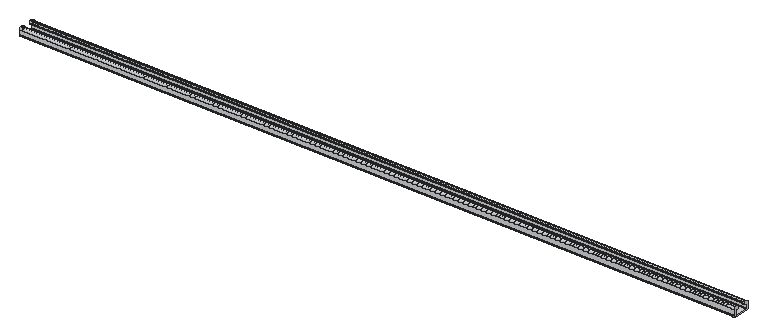
Revit family "P3300 T", category Specialty Equipment, Revit 2012
Parameters (values of type "P3300 T")
  ecoScorecard_data = ""
  ecoScorecard Product Page = ""
  Weight Per Foot = 1.30 lbf/ft
  Unit = none
  URL = "http://unistrut.us/index.php"
  Subcategory = "1 5/8\" Channels"
  Product Page URL = "http://unistrut.us/index.php?WP=cat_detail&S=S05&P=P3300t"
  Part Type = "Channel"  # constant formula
  Part Number = ""
  Overall Width = 1 5/8"  # constant formula
  Overall Height = 7/8"  # constant formula
  Model = "P3300 T"  # constant formula
  Material = "Multiple Options - See Catalog"
  Manufacturer Toll Free Phone = "800-882-5543"  # constant formula
  Manufacturer Phone = "708-339-1610"  # constant formula
  Manufacturer Fax = "708-339-7814"  # constant formula
  Manufacturer Email = "mailto:jshaw@atkore.com"
  Manufacturer Address = "16100 South Lathrop Avenue, Harvey, IL 60426"  # constant formula
  Manufacturer = "Unistrut by Atkore International"  # constant formula
  Load Capacity Note = "Visit the product page for load application and capacity."  # constant formula
  Literature URL = "http://unistrut.us/index.php?WP=LItLibrary"
  Length [instance] = 72"
  Hole Radius = Hole Diameter / 2  # 9/32"
  Hole Diameter = 9/16"  # constant formula
  Gauge Thickness = "12 Gauge (.105”)"  # constant formula
  Description = "P3300 T Channel"  # constant formula
  Cost Info = "mailto:questions@atkore.com"
  Construction Note = "Slots are 11⁄8\" x 9⁄16\" @ 2\" on Center"
  CSI MasterSpec = "http://www.unistrut.us/a_files/TechRef/Unistrut_CSI_05430.pdf"
  CAD URL = "http://unistrut.us/index.php?WP=CAD3d"
  Assembly Code = "D5020100"
  95 CSI = "16070"  # constant formula
  04 CSI = "26 05 48"  # constant formula
Reference planes (in)
  plane 1 "Center (Front/Back)": y = 0
  plane 2: z = 0
  plane 3 "Center (Left/Right)": x = 0
  plane 4: y = 0.8125
  plane 5: y = -0.8125
  plane 6: z = 0.875
  plane 7: x = -36
  plane 8: x = 36
  plane 9: z = 0.8125
Dimensions and locks (in)
  "Overall Width": plane 4 to plane 5
  equal spacing: plane 4, plane 1 "Center (Front/Back)", plane 5
  "Overall Height": plane 6 to level
  "Length": plane 7 to plane 8
  equal spacing: plane 7, plane 3 "Center (Left/Right)", plane 8
  aligned and locked: level to plane 2
  aligned and locked: plane 1 "Center (Front/Back)" to nested 1
  aligned and locked: plane 3 "Center (Left/Right)" to nested 1
Nested families (in)
  nested 1: "3300 T" at (0, 0, 0), type "3300 T"
    with Length 72", # Of Array 36
Definition of nested family "3300 T"
  Parameters (values of type "3300 T")
    Width = 1 5/8"
    Unit = none
    Length = 120"
    Hole Spacing On Center = 2"
    Hole Spacing From End = 1"
    Hole Radius = 9/32"
    Height = 7/8"
    # Of Array = (Length - Hole Spacing From End * 2) / Hole Spacing On Center + 1  # 60
  Reference planes (in)
    plane 1 "Center (Front/Back)": y = 0
    plane 2: z = 0
    plane 3 "Center (Left/Right)": x = 0
    plane 4: z = 0.875
    plane 5: x = -60
    plane 6: x = 60
    plane 7: y = 0.8125
    plane 8: y = -0.8125
    plane 9: x = -57
    plane 10: z = 0.40625
    plane 11: z = 0.105
    plane 12: x = -59
    plane 13: z = 0.105
  Forms (in)
    Sweep 1, solid, material <- "Unit", detail levels fine
      path origin (0, 0, 0) x (1, 0, 0) y (0, 1, 0)
        loop
          line (-60, 0) -> (60, 0)
      profile origin (0, 0, 0) x (0, 1, 0) y (0, 0, 1)
        loop
          line (-0.7075, 0.13625) -> (-0.7075, 0.67625)
          arc (-0.7075, 0.67625) -> (-0.68004, 0.74254) -> (-0.61375, 0.77) r 0.09375
          line (-0.61375, 0.77) -> (-0.57375, 0.77)
          arc (-0.57375, 0.77) -> (-0.55165, 0.76085) -> (-0.5425, 0.73875) r 0.03125
          line (-0.5425, 0.73875) -> (-0.5425, 0.6465)
          arc (-0.5425, 0.6465) -> (-0.49, 0.594) -> (-0.4375, 0.6465) r 0.0525
          line (-0.4375, 0.6465) -> (-0.4375, 0.73875)
          arc (-0.4375, 0.73875) -> (-0.47741, 0.83509) -> (-0.57375, 0.875) r 0.13625
          line (-0.57375, 0.875) -> (-0.61375, 0.875)
          arc (-0.61375, 0.875) -> (-0.75429, 0.81679) -> (-0.8125, 0.67625) r 0.19875
          line (-0.8125, 0.67625) -> (-0.8125, 0.13625)
          arc (-0.8125, 0.13625) -> (-0.77259, 0.03991) -> (-0.67625, 0) r 0.13625
          line (-0.67625, 0) -> (0.67625, 0)
          arc (0.67625, 0) -> (0.77259, 0.03991) -> (0.8125, 0.13625) r 0.13625
          line (0.8125, 0.13625) -> (0.8125, 0.67625)
          arc (0.8125, 0.67625) -> (0.75429, 0.81679) -> (0.61375, 0.875) r 0.19875
          line (0.61375, 0.875) -> (0.57375, 0.875)
          arc (0.57375, 0.875) -> (0.47741, 0.83509) -> (0.4375, 0.73875) r 0.13625
          line (0.4375, 0.73875) -> (0.4375, 0.6465)
          arc (0.4375, 0.6465) -> (0.49, 0.594) -> (0.5425, 0.6465) r 0.0525
          line (0.5425, 0.6465) -> (0.5425, 0.73875)
          arc (0.5425, 0.73875) -> (0.55165, 0.76085) -> (0.57375, 0.77) r 0.03125
          line (0.57375, 0.77) -> (0.61375, 0.77)
          arc (0.61375, 0.77) -> (0.68004, 0.74254) -> (0.7075, 0.67625) r 0.09375
          line (0.7075, 0.67625) -> (0.7075, 0.13625)
          arc (0.7075, 0.13625) -> (0.69835, 0.11415) -> (0.67625, 0.105) r 0.03125
          line (0.67625, 0.105) -> (-0.67625, 0.105)
          arc (-0.67625, 0.105) -> (-0.69835, 0.11415) -> (-0.7075, 0.13625) r 0.03125
    Extrusion 2, void
      sketch origin (0, 0, 0) x (1, 0, 0) y (0, 1, 0)
        loop
          arc (59.28125, -0.28125) -> (59.5625, 0) -> (59.28125, 0.28125) r 0.28125
          line (59.28125, 0.28125) -> (58.71875, 0.28125)
          arc (58.71875, 0.28125) -> (58.4375, 0) -> (58.71875, -0.28125) r 0.28125
          line (58.71875, -0.28125) -> (59.28125, -0.28125)
      from 0 to 0.105
    Extrusion 3, void
      sketch origin (-118, 0, 0) x (1, 0, 0) y (0, 1, 0)
        loop
          arc (59.28125, -0.28125) -> (59.5625, 0) -> (59.28125, 0.28125) r 0.28125
          line (59.28125, 0.28125) -> (58.71875, 0.28125)
          arc (58.71875, 0.28125) -> (58.4375, 0) -> (58.71875, -0.28125) r 0.28125
          line (58.71875, -0.28125) -> (59.28125, -0.28125)
      from 0 to 0.105
    Extrusion 4, void
      sketch origin (-116, 0, 0) x (1, 0, 0) y (0, 1, 0)
        loop
          arc (59.28125, -0.28125) -> (59.5625, 0) -> (59.28125, 0.28125) r 0.28125
          line (59.28125, 0.28125) -> (58.71875, 0.28125)
          arc (58.71875, 0.28125) -> (58.4375, 0) -> (58.71875, -0.28125) r 0.28125
          line (58.71875, -0.28125) -> (59.28125, -0.28125)
      from 0 to 0.105
    Extrusion 5, void
      sketch origin (-114, 0, 0) x (1, 0, 0) y (0, 1, 0)
        loop
          arc (59.28125, -0.28125) -> (59.5625, 0) -> (59.28125, 0.28125) r 0.28125
          line (59.28125, 0.28125) -> (58.71875, 0.28125)
          arc (58.71875, 0.28125) -> (58.4375, 0) -> (58.71875, -0.28125) r 0.28125
          line (58.71875, -0.28125) -> (59.28125, -0.28125)
      from 0 to 0.105
    Extrusion 6, void
      sketch origin (-112, 0, 0) x (1, 0, 0) y (0, 1, 0)
        loop
          arc (59.28125, -0.28125) -> (59.5625, 0) -> (59.28125, 0.28125) r 0.28125
          line (59.28125, 0.28125) -> (58.71875, 0.28125)
          arc (58.71875, 0.28125) -> (58.4375, 0) -> (58.71875, -0.28125) r 0.28125
          line (58.71875, -0.28125) -> (59.28125, -0.28125)
      from 0 to 0.105
    Extrusion 7, void
      sketch origin (-110, 0, 0) x (1, 0, 0) y (0, 1, 0)
        loop
          arc (59.28125, -0.28125) -> (59.5625, 0) -> (59.28125, 0.28125) r 0.28125
          line (59.28125, 0.28125) -> (58.71875, 0.28125)
          arc (58.71875, 0.28125) -> (58.4375, 0) -> (58.71875, -0.28125) r 0.28125
          line (58.71875, -0.28125) -> (59.28125, -0.28125)
      from 0 to 0.105
    Extrusion 8, void
      sketch origin (-108, 0, 0) x (1, 0, 0) y (0, 1, 0)
        loop
          arc (59.28125, -0.28125) -> (59.5625, 0) -> (59.28125, 0.28125) r 0.28125
          line (59.28125, 0.28125) -> (58.71875, 0.28125)
          arc (58.71875, 0.28125) -> (58.4375, 0) -> (58.71875, -0.28125) r 0.28125
          line (58.71875, -0.28125) -> (59.28125, -0.28125)
      from 0 to 0.105
    Extrusion 9, void
      sketch origin (-106, 0, 0) x (1, 0, 0) y (0, 1, 0)
        loop
          arc (59.28125, -0.28125) -> (59.5625, 0) -> (59.28125, 0.28125) r 0.28125
          line (59.28125, 0.28125) -> (58.71875, 0.28125)
          arc (58.71875, 0.28125) -> (58.4375, 0) -> (58.71875, -0.28125) r 0.28125
          line (58.71875, -0.28125) -> (59.28125, -0.28125)
      from 0 to 0.105
    Extrusion 10, void
      sketch origin (-104, 0, 0) x (1, 0, 0) y (0, 1, 0)
        loop
          arc (59.28125, -0.28125) -> (59.5625, 0) -> (59.28125, 0.28125) r 0.28125
          line (59.28125, 0.28125) -> (58.71875, 0.28125)
          arc (58.71875, 0.28125) -> (58.4375, 0) -> (58.71875, -0.28125) r 0.28125
          line (58.71875, -0.28125) -> (59.28125, -0.28125)
      from 0 to 0.105
    Extrusion 11, void
      sketch origin (-102, 0, 0) x (1, 0, 0) y (0, 1, 0)
        loop
          arc (59.28125, -0.28125) -> (59.5625, 0) -> (59.28125, 0.28125) r 0.28125
          line (59.28125, 0.28125) -> (58.71875, 0.28125)
          arc (58.71875, 0.28125) -> (58.4375, 0) -> (58.71875, -0.28125) r 0.28125
          line (58.71875, -0.28125) -> (59.28125, -0.28125)
      from 0 to 0.105
    Extrusion 12, void
      sketch origin (-100, 0, 0) x (1, 0, 0) y (0, 1, 0)
        loop
          arc (59.28125, -0.28125) -> (59.5625, 0) -> (59.28125, 0.28125) r 0.28125
          line (59.28125, 0.28125) -> (58.71875, 0.28125)
          arc (58.71875, 0.28125) -> (58.4375, 0) -> (58.71875, -0.28125) r 0.28125
          line (58.71875, -0.28125) -> (59.28125, -0.28125)
      from 0 to 0.105
    Extrusion 13, void
      sketch origin (-98, 0, 0) x (1, 0, 0) y (0, 1, 0)
        loop
          arc (59.28125, -0.28125) -> (59.5625, 0) -> (59.28125, 0.28125) r 0.28125
          line (59.28125, 0.28125) -> (58.71875, 0.28125)
          arc (58.71875, 0.28125) -> (58.4375, 0) -> (58.71875, -0.28125) r 0.28125
          line (58.71875, -0.28125) -> (59.28125, -0.28125)
      from 0 to 0.105
    Extrusion 14, void
      sketch origin (-96, 0, 0) x (1, 0, 0) y (0, 1, 0)
        loop
          arc (59.28125, -0.28125) -> (59.5625, 0) -> (59.28125, 0.28125) r 0.28125
          line (59.28125, 0.28125) -> (58.71875, 0.28125)
          arc (58.71875, 0.28125) -> (58.4375, 0) -> (58.71875, -0.28125) r 0.28125
          line (58.71875, -0.28125) -> (59.28125, -0.28125)
      from 0 to 0.105
    Extrusion 15, void
      sketch origin (-94, 0, 0) x (1, 0, 0) y (0, 1, 0)
        loop
          arc (59.28125, -0.28125) -> (59.5625, 0) -> (59.28125, 0.28125) r 0.28125
          line (59.28125, 0.28125) -> (58.71875, 0.28125)
          arc (58.71875, 0.28125) -> (58.4375, 0) -> (58.71875, -0.28125) r 0.28125
          line (58.71875, -0.28125) -> (59.28125, -0.28125)
      from 0 to 0.105
    Extrusion 16, void
      sketch origin (-92, 0, 0) x (1, 0, 0) y (0, 1, 0)
        loop
          arc (59.28125, -0.28125) -> (59.5625, 0) -> (59.28125, 0.28125) r 0.28125
          line (59.28125, 0.28125) -> (58.71875, 0.28125)
          arc (58.71875, 0.28125) -> (58.4375, 0) -> (58.71875, -0.28125) r 0.28125
          line (58.71875, -0.28125) -> (59.28125, -0.28125)
      from 0 to 0.105
    Extrusion 17, void
      sketch origin (-90, 0, 0) x (1, 0, 0) y (0, 1, 0)
        loop
          arc (59.28125, -0.28125) -> (59.5625, 0) -> (59.28125, 0.28125) r 0.28125
          line (59.28125, 0.28125) -> (58.71875, 0.28125)
          arc (58.71875, 0.28125) -> (58.4375, 0) -> (58.71875, -0.28125) r 0.28125
          line (58.71875, -0.28125) -> (59.28125, -0.28125)
      from 0 to 0.105
    Extrusion 18, void
      sketch origin (-88, 0, 0) x (1, 0, 0) y (0, 1, 0)
        loop
          arc (59.28125, -0.28125) -> (59.5625, 0) -> (59.28125, 0.28125) r 0.28125
          line (59.28125, 0.28125) -> (58.71875, 0.28125)
          arc (58.71875, 0.28125) -> (58.4375, 0) -> (58.71875, -0.28125) r 0.28125
          line (58.71875, -0.28125) -> (59.28125, -0.28125)
      from 0 to 0.105
    Extrusion 19, void
      sketch origin (-86, 0, 0) x (1, 0, 0) y (0, 1, 0)
        loop
          arc (59.28125, -0.28125) -> (59.5625, 0) -> (59.28125, 0.28125) r 0.28125
          line (59.28125, 0.28125) -> (58.71875, 0.28125)
          arc (58.71875, 0.28125) -> (58.4375, 0) -> (58.71875, -0.28125) r 0.28125
          line (58.71875, -0.28125) -> (59.28125, -0.28125)
      from 0 to 0.105
    Extrusion 20, void
      sketch origin (-84, 0, 0) x (1, 0, 0) y (0, 1, 0)
        loop
          arc (59.28125, -0.28125) -> (59.5625, 0) -> (59.28125, 0.28125) r 0.28125
          line (59.28125, 0.28125) -> (58.71875, 0.28125)
          arc (58.71875, 0.28125) -> (58.4375, 0) -> (58.71875, -0.28125) r 0.28125
          line (58.71875, -0.28125) -> (59.28125, -0.28125)
      from 0 to 0.105
    Extrusion 21, void
      sketch origin (-82, 0, 0) x (1, 0, 0) y (0, 1, 0)
        loop
          arc (59.28125, -0.28125) -> (59.5625, 0) -> (59.28125, 0.28125) r 0.28125
          line (59.28125, 0.28125) -> (58.71875, 0.28125)
          arc (58.71875, 0.28125) -> (58.4375, 0) -> (58.71875, -0.28125) r 0.28125
          line (58.71875, -0.28125) -> (59.28125, -0.28125)
      from 0 to 0.105
    Extrusion 22, void
      sketch origin (-80, 0, 0) x (1, 0, 0) y (0, 1, 0)
        loop
          arc (59.28125, -0.28125) -> (59.5625, 0) -> (59.28125, 0.28125) r 0.28125
          line (59.28125, 0.28125) -> (58.71875, 0.28125)
          arc (58.71875, 0.28125) -> (58.4375, 0) -> (58.71875, -0.28125) r 0.28125
          line (58.71875, -0.28125) -> (59.28125, -0.28125)
      from 0 to 0.105
    Extrusion 23, void
      sketch origin (-78, 0, 0) x (1, 0, 0) y (0, 1, 0)
        loop
          arc (59.28125, -0.28125) -> (59.5625, 0) -> (59.28125, 0.28125) r 0.28125
          line (59.28125, 0.28125) -> (58.71875, 0.28125)
          arc (58.71875, 0.28125) -> (58.4375, 0) -> (58.71875, -0.28125) r 0.28125
          line (58.71875, -0.28125) -> (59.28125, -0.28125)
      from 0 to 0.105
    Extrusion 24, void
      sketch origin (-76, 0, 0) x (1, 0, 0) y (0, 1, 0)
        loop
          arc (59.28125, -0.28125) -> (59.5625, 0) -> (59.28125, 0.28125) r 0.28125
          line (59.28125, 0.28125) -> (58.71875, 0.28125)
          arc (58.71875, 0.28125) -> (58.4375, 0) -> (58.71875, -0.28125) r 0.28125
          line (58.71875, -0.28125) -> (59.28125, -0.28125)
      from 0 to 0.105
    Extrusion 25, void
      sketch origin (-74, 0, 0) x (1, 0, 0) y (0, 1, 0)
        loop
          arc (59.28125, -0.28125) -> (59.5625, 0) -> (59.28125, 0.28125) r 0.28125
          line (59.28125, 0.28125) -> (58.71875, 0.28125)
          arc (58.71875, 0.28125) -> (58.4375, 0) -> (58.71875, -0.28125) r 0.28125
          line (58.71875, -0.28125) -> (59.28125, -0.28125)
      from 0 to 0.105
    Extrusion 26, void
      sketch origin (-72, 0, 0) x (1, 0, 0) y (0, 1, 0)
        loop
          arc (59.28125, -0.28125) -> (59.5625, 0) -> (59.28125, 0.28125) r 0.28125
          line (59.28125, 0.28125) -> (58.71875, 0.28125)
          arc (58.71875, 0.28125) -> (58.4375, 0) -> (58.71875, -0.28125) r 0.28125
          line (58.71875, -0.28125) -> (59.28125, -0.28125)
      from 0 to 0.105
    Extrusion 27, void
      sketch origin (-70, 0, 0) x (1, 0, 0) y (0, 1, 0)
        loop
          arc (59.28125, -0.28125) -> (59.5625, 0) -> (59.28125, 0.28125) r 0.28125
          line (59.28125, 0.28125) -> (58.71875, 0.28125)
          arc (58.71875, 0.28125) -> (58.4375, 0) -> (58.71875, -0.28125) r 0.28125
          line (58.71875, -0.28125) -> (59.28125, -0.28125)
      from 0 to 0.105
    Extrusion 28, void
      sketch origin (-68, 0, 0) x (1, 0, 0) y (0, 1, 0)
        loop
          arc (59.28125, -0.28125) -> (59.5625, 0) -> (59.28125, 0.28125) r 0.28125
          line (59.28125, 0.28125) -> (58.71875, 0.28125)
          arc (58.71875, 0.28125) -> (58.4375, 0) -> (58.71875, -0.28125) r 0.28125
          line (58.71875, -0.28125) -> (59.28125, -0.28125)
      from 0 to 0.105
    Extrusion 29, void
      sketch origin (-66, 0, 0) x (1, 0, 0) y (0, 1, 0)
        loop
          arc (59.28125, -0.28125) -> (59.5625, 0) -> (59.28125, 0.28125) r 0.28125
          line (59.28125, 0.28125) -> (58.71875, 0.28125)
          arc (58.71875, 0.28125) -> (58.4375, 0) -> (58.71875, -0.28125) r 0.28125
          line (58.71875, -0.28125) -> (59.28125, -0.28125)
      from 0 to 0.105
    Extrusion 30, void
      sketch origin (-64, 0, 0) x (1, 0, 0) y (0, 1, 0)
        loop
          arc (59.28125, -0.28125) -> (59.5625, 0) -> (59.28125, 0.28125) r 0.28125
          line (59.28125, 0.28125) -> (58.71875, 0.28125)
          arc (58.71875, 0.28125) -> (58.4375, 0) -> (58.71875, -0.28125) r 0.28125
          line (58.71875, -0.28125) -> (59.28125, -0.28125)
      from 0 to 0.105
    Extrusion 31, void
      sketch origin (-62, 0, 0) x (1, 0, 0) y (0, 1, 0)
        loop
          arc (59.28125, -0.28125) -> (59.5625, 0) -> (59.28125, 0.28125) r 0.28125
          line (59.28125, 0.28125) -> (58.71875, 0.28125)
          arc (58.71875, 0.28125) -> (58.4375, 0) -> (58.71875, -0.28125) r 0.28125
          line (58.71875, -0.28125) -> (59.28125, -0.28125)
      from 0 to 0.105
    Extrusion 32, void
      sketch origin (-60, 0, 0) x (1, 0, 0) y (0, 1, 0)
        loop
          arc (59.28125, -0.28125) -> (59.5625, 0) -> (59.28125, 0.28125) r 0.28125
          line (59.28125, 0.28125) -> (58.71875, 0.28125)
          arc (58.71875, 0.28125) -> (58.4375, 0) -> (58.71875, -0.28125) r 0.28125
          line (58.71875, -0.28125) -> (59.28125, -0.28125)
      from 0 to 0.105
    Extrusion 33, void
      sketch origin (-58, 0, 0) x (1, 0, 0) y (0, 1, 0)
        loop
          arc (59.28125, -0.28125) -> (59.5625, 0) -> (59.28125, 0.28125) r 0.28125
          line (59.28125, 0.28125) -> (58.71875, 0.28125)
          arc (58.71875, 0.28125) -> (58.4375, 0) -> (58.71875, -0.28125) r 0.28125
          line (58.71875, -0.28125) -> (59.28125, -0.28125)
      from 0 to 0.105
    Extrusion 34, void
      sketch origin (-56, 0, 0) x (1, 0, 0) y (0, 1, 0)
        loop
          arc (59.28125, -0.28125) -> (59.5625, 0) -> (59.28125, 0.28125) r 0.28125
          line (59.28125, 0.28125) -> (58.71875, 0.28125)
          arc (58.71875, 0.28125) -> (58.4375, 0) -> (58.71875, -0.28125) r 0.28125
          line (58.71875, -0.28125) -> (59.28125, -0.28125)
      from 0 to 0.105
    Extrusion 35, void
      sketch origin (-54, 0, 0) x (1, 0, 0) y (0, 1, 0)
        loop
          arc (59.28125, -0.28125) -> (59.5625, 0) -> (59.28125, 0.28125) r 0.28125
          line (59.28125, 0.28125) -> (58.71875, 0.28125)
          arc (58.71875, 0.28125) -> (58.4375, 0) -> (58.71875, -0.28125) r 0.28125
          line (58.71875, -0.28125) -> (59.28125, -0.28125)
      from 0 to 0.105
    Extrusion 36, void
      sketch origin (-52, 0, 0) x (1, 0, 0) y (0, 1, 0)
        loop
          arc (59.28125, -0.28125) -> (59.5625, 0) -> (59.28125, 0.28125) r 0.28125
          line (59.28125, 0.28125) -> (58.71875, 0.28125)
          arc (58.71875, 0.28125) -> (58.4375, 0) -> (58.71875, -0.28125) r 0.28125
          line (58.71875, -0.28125) -> (59.28125, -0.28125)
      from 0 to 0.105
    Extrusion 37, void
      sketch origin (-50, 0, 0) x (1, 0, 0) y (0, 1, 0)
        loop
          arc (59.28125, -0.28125) -> (59.5625, 0) -> (59.28125, 0.28125) r 0.28125
          line (59.28125, 0.28125) -> (58.71875, 0.28125)
          arc (58.71875, 0.28125) -> (58.4375, 0) -> (58.71875, -0.28125) r 0.28125
          line (58.71875, -0.28125) -> (59.28125, -0.28125)
      from 0 to 0.105
    Extrusion 38, void
      sketch origin (-48, 0, 0) x (1, 0, 0) y (0, 1, 0)
        loop
          arc (59.28125, -0.28125) -> (59.5625, 0) -> (59.28125, 0.28125) r 0.28125
          line (59.28125, 0.28125) -> (58.71875, 0.28125)
          arc (58.71875, 0.28125) -> (58.4375, 0) -> (58.71875, -0.28125) r 0.28125
          line (58.71875, -0.28125) -> (59.28125, -0.28125)
      from 0 to 0.105
    Extrusion 39, void
      sketch origin (-46, 0, 0) x (1, 0, 0) y (0, 1, 0)
        loop
          arc (59.28125, -0.28125) -> (59.5625, 0) -> (59.28125, 0.28125) r 0.28125
          line (59.28125, 0.28125) -> (58.71875, 0.28125)
          arc (58.71875, 0.28125) -> (58.4375, 0) -> (58.71875, -0.28125) r 0.28125
          line (58.71875, -0.28125) -> (59.28125, -0.28125)
      from 0 to 0.105
    Extrusion 40, void
      sketch origin (-44, 0, 0) x (1, 0, 0) y (0, 1, 0)
        loop
          arc (59.28125, -0.28125) -> (59.5625, 0) -> (59.28125, 0.28125) r 0.28125
          line (59.28125, 0.28125) -> (58.71875, 0.28125)
          arc (58.71875, 0.28125) -> (58.4375, 0) -> (58.71875, -0.28125) r 0.28125
          line (58.71875, -0.28125) -> (59.28125, -0.28125)
      from 0 to 0.105
    Extrusion 41, void
      sketch origin (-42, 0, 0) x (1, 0, 0) y (0, 1, 0)
        loop
          arc (59.28125, -0.28125) -> (59.5625, 0) -> (59.28125, 0.28125) r 0.28125
          line (59.28125, 0.28125) -> (58.71875, 0.28125)
          arc (58.71875, 0.28125) -> (58.4375, 0) -> (58.71875, -0.28125) r 0.28125
          line (58.71875, -0.28125) -> (59.28125, -0.28125)
      from 0 to 0.105
    Extrusion 42, void
      sketch origin (-40, 0, 0) x (1, 0, 0) y (0, 1, 0)
        loop
          arc (59.28125, -0.28125) -> (59.5625, 0) -> (59.28125, 0.28125) r 0.28125
          line (59.28125, 0.28125) -> (58.71875, 0.28125)
          arc (58.71875, 0.28125) -> (58.4375, 0) -> (58.71875, -0.28125) r 0.28125
          line (58.71875, -0.28125) -> (59.28125, -0.28125)
      from 0 to 0.105
    Extrusion 43, void
      sketch origin (-38, 0, 0) x (1, 0, 0) y (0, 1, 0)
        loop
          arc (59.28125, -0.28125) -> (59.5625, 0) -> (59.28125, 0.28125) r 0.28125
          line (59.28125, 0.28125) -> (58.71875, 0.28125)
          arc (58.71875, 0.28125) -> (58.4375, 0) -> (58.71875, -0.28125) r 0.28125
          line (58.71875, -0.28125) -> (59.28125, -0.28125)
      from 0 to 0.105
    Extrusion 44, void
      sketch origin (-36, 0, 0) x (1, 0, 0) y (0, 1, 0)
        loop
          arc (59.28125, -0.28125) -> (59.5625, 0) -> (59.28125, 0.28125) r 0.28125
          line (59.28125, 0.28125) -> (58.71875, 0.28125)
          arc (58.71875, 0.28125) -> (58.4375, 0) -> (58.71875, -0.28125) r 0.28125
          line (58.71875, -0.28125) -> (59.28125, -0.28125)
      from 0 to 0.105
    Extrusion 45, void
      sketch origin (-34, 0, 0) x (1, 0, 0) y (0, 1, 0)
        loop
          arc (59.28125, -0.28125) -> (59.5625, 0) -> (59.28125, 0.28125) r 0.28125
          line (59.28125, 0.28125) -> (58.71875, 0.28125)
          arc (58.71875, 0.28125) -> (58.4375, 0) -> (58.71875, -0.28125) r 0.28125
          line (58.71875, -0.28125) -> (59.28125, -0.28125)
      from 0 to 0.105
    Extrusion 46, void
      sketch origin (-32, 0, 0) x (1, 0, 0) y (0, 1, 0)
        loop
          arc (59.28125, -0.28125) -> (59.5625, 0) -> (59.28125, 0.28125) r 0.28125
          line (59.28125, 0.28125) -> (58.71875, 0.28125)
          arc (58.71875, 0.28125) -> (58.4375, 0) -> (58.71875, -0.28125) r 0.28125
          line (58.71875, -0.28125) -> (59.28125, -0.28125)
      from 0 to 0.105
    Extrusion 47, void
      sketch origin (-30, 0, 0) x (1, 0, 0) y (0, 1, 0)
        loop
          arc (59.28125, -0.28125) -> (59.5625, 0) -> (59.28125, 0.28125) r 0.28125
          line (59.28125, 0.28125) -> (58.71875, 0.28125)
          arc (58.71875, 0.28125) -> (58.4375, 0) -> (58.71875, -0.28125) r 0.28125
          line (58.71875, -0.28125) -> (59.28125, -0.28125)
      from 0 to 0.105
    Extrusion 48, void
      sketch origin (-28, 0, 0) x (1, 0, 0) y (0, 1, 0)
        loop
          arc (59.28125, -0.28125) -> (59.5625, 0) -> (59.28125, 0.28125) r 0.28125
          line (59.28125, 0.28125) -> (58.71875, 0.28125)
          arc (58.71875, 0.28125) -> (58.4375, 0) -> (58.71875, -0.28125) r 0.28125
          line (58.71875, -0.28125) -> (59.28125, -0.28125)
      from 0 to 0.105
    Extrusion 49, void
      sketch origin (-26, 0, 0) x (1, 0, 0) y (0, 1, 0)
        loop
          arc (59.28125, -0.28125) -> (59.5625, 0) -> (59.28125, 0.28125) r 0.28125
          line (59.28125, 0.28125) -> (58.71875, 0.28125)
          arc (58.71875, 0.28125) -> (58.4375, 0) -> (58.71875, -0.28125) r 0.28125
          line (58.71875, -0.28125) -> (59.28125, -0.28125)
      from 0 to 0.105
    Extrusion 50, void
      sketch origin (-24, 0, 0) x (1, 0, 0) y (0, 1, 0)
        loop
          arc (59.28125, -0.28125) -> (59.5625, 0) -> (59.28125, 0.28125) r 0.28125
          line (59.28125, 0.28125) -> (58.71875, 0.28125)
          arc (58.71875, 0.28125) -> (58.4375, 0) -> (58.71875, -0.28125) r 0.28125
          line (58.71875, -0.28125) -> (59.28125, -0.28125)
      from 0 to 0.105
    Extrusion 51, void
      sketch origin (-22, 0, 0) x (1, 0, 0) y (0, 1, 0)
        loop
          arc (59.28125, -0.28125) -> (59.5625, 0) -> (59.28125, 0.28125) r 0.28125
          line (59.28125, 0.28125) -> (58.71875, 0.28125)
          arc (58.71875, 0.28125) -> (58.4375, 0) -> (58.71875, -0.28125) r 0.28125
          line (58.71875, -0.28125) -> (59.28125, -0.28125)
      from 0 to 0.105
    Extrusion 52, void
      sketch origin (-20, 0, 0) x (1, 0, 0) y (0, 1, 0)
        loop
          arc (59.28125, -0.28125) -> (59.5625, 0) -> (59.28125, 0.28125) r 0.28125
          line (59.28125, 0.28125) -> (58.71875, 0.28125)
          arc (58.71875, 0.28125) -> (58.4375, 0) -> (58.71875, -0.28125) r 0.28125
          line (58.71875, -0.28125) -> (59.28125, -0.28125)
      from 0 to 0.105
    Extrusion 53, void
      sketch origin (-18, 0, 0) x (1, 0, 0) y (0, 1, 0)
        loop
          arc (59.28125, -0.28125) -> (59.5625, 0) -> (59.28125, 0.28125) r 0.28125
          line (59.28125, 0.28125) -> (58.71875, 0.28125)
          arc (58.71875, 0.28125) -> (58.4375, 0) -> (58.71875, -0.28125) r 0.28125
          line (58.71875, -0.28125) -> (59.28125, -0.28125)
      from 0 to 0.105
    Extrusion 54, void
      sketch origin (-16, 0, 0) x (1, 0, 0) y (0, 1, 0)
        loop
          arc (59.28125, -0.28125) -> (59.5625, 0) -> (59.28125, 0.28125) r 0.28125
          line (59.28125, 0.28125) -> (58.71875, 0.28125)
          arc (58.71875, 0.28125) -> (58.4375, 0) -> (58.71875, -0.28125) r 0.28125
          line (58.71875, -0.28125) -> (59.28125, -0.28125)
      from 0 to 0.105
    Extrusion 55, void
      sketch origin (-14, 0, 0) x (1, 0, 0) y (0, 1, 0)
        loop
          arc (59.28125, -0.28125) -> (59.5625, 0) -> (59.28125, 0.28125) r 0.28125
          line (59.28125, 0.28125) -> (58.71875, 0.28125)
          arc (58.71875, 0.28125) -> (58.4375, 0) -> (58.71875, -0.28125) r 0.28125
          line (58.71875, -0.28125) -> (59.28125, -0.28125)
      from 0 to 0.105
    Extrusion 56, void
      sketch origin (-12, 0, 0) x (1, 0, 0) y (0, 1, 0)
        loop
          arc (59.28125, -0.28125) -> (59.5625, 0) -> (59.28125, 0.28125) r 0.28125
          line (59.28125, 0.28125) -> (58.71875, 0.28125)
          arc (58.71875, 0.28125) -> (58.4375, 0) -> (58.71875, -0.28125) r 0.28125
          line (58.71875, -0.28125) -> (59.28125, -0.28125)
      from 0 to 0.105
    Extrusion 57, void
      sketch origin (-10, 0, 0) x (1, 0, 0) y (0, 1, 0)
        loop
          arc (59.28125, -0.28125) -> (59.5625, 0) -> (59.28125, 0.28125) r 0.28125
          line (59.28125, 0.28125) -> (58.71875, 0.28125)
          arc (58.71875, 0.28125) -> (58.4375, 0) -> (58.71875, -0.28125) r 0.28125
          line (58.71875, -0.28125) -> (59.28125, -0.28125)
      from 0 to 0.105
    Extrusion 58, void
      sketch origin (-8, 0, 0) x (1, 0, 0) y (0, 1, 0)
        loop
          arc (59.28125, -0.28125) -> (59.5625, 0) -> (59.28125, 0.28125) r 0.28125
          line (59.28125, 0.28125) -> (58.71875, 0.28125)
          arc (58.71875, 0.28125) -> (58.4375, 0) -> (58.71875, -0.28125) r 0.28125
          line (58.71875, -0.28125) -> (59.28125, -0.28125)
      from 0 to 0.105
    Extrusion 59, void
      sketch origin (-6, 0, 0) x (1, 0, 0) y (0, 1, 0)
        loop
          arc (59.28125, -0.28125) -> (59.5625, 0) -> (59.28125, 0.28125) r 0.28125
          line (59.28125, 0.28125) -> (58.71875, 0.28125)
          arc (58.71875, 0.28125) -> (58.4375, 0) -> (58.71875, -0.28125) r 0.28125
          line (58.71875, -0.28125) -> (59.28125, -0.28125)
      from 0 to 0.105
    Extrusion 60, void
      sketch origin (-4, 0, 0) x (1, 0, 0) y (0, 1, 0)
        loop
          arc (59.28125, -0.28125) -> (59.5625, 0) -> (59.28125, 0.28125) r 0.28125
          line (59.28125, 0.28125) -> (58.71875, 0.28125)
          arc (58.71875, 0.28125) -> (58.4375, 0) -> (58.71875, -0.28125) r 0.28125
          line (58.71875, -0.28125) -> (59.28125, -0.28125)
      from 0 to 0.105
    Extrusion 61, void
      sketch origin (-2, 0, 0) x (1, 0, 0) y (0, 1, 0)
        loop
          arc (59.28125, -0.28125) -> (59.5625, 0) -> (59.28125, 0.28125) r 0.28125
          line (59.28125, 0.28125) -> (58.71875, 0.28125)
          arc (58.71875, 0.28125) -> (58.4375, 0) -> (58.71875, -0.28125) r 0.28125
          line (58.71875, -0.28125) -> (59.28125, -0.28125)
      from 0 to 0.105
  Cuts and joins
    Extrusion 2, Extrusion 3, Extrusion 4, Extrusion 5, Extrusion 6, Extrusion 7, Extrusion 8, Extrusion 9, Extrusion 10, Extrusion 11, Extrusion 12, Extrusion 13, Extrusion 14, Extrusion 15, Extrusion 16, Extrusion 17, Extrusion 18, Extrusion 19, Extrusion 20, Extrusion 21, Extrusion 22, Extrusion 23, Extrusion 24, Extrusion 25, Extrusion 26, Extrusion 27, Extrusion 28, Extrusion 29, Extrusion 30, Extrusion 31, Extrusion 32, Extrusion 33, Extrusion 34, Extrusion 35, Extrusion 36, Extrusion 37, Extrusion 38, Extrusion 39, Extrusion 40, Extrusion 41, Extrusion 42, Extrusion 43, Extrusion 44, Extrusion 45, Extrusion 46, Extrusion 47, Extrusion 48, Extrusion 49, Extrusion 50, Extrusion 51, Extrusion 52, Extrusion 53, Extrusion 54, Extrusion 55, Extrusion 56, Extrusion 57, Extrusion 58, Extrusion 59, Extrusion 60, Extrusion 61 cuts Sweep 1
  Lines and regions (in)
    symbolic lines, style "Channel"
      curve 1: line (-60, 0.8125, 0) -> (60, 0.8125, 0)
      curve 2: line (-60, -0.8125, 0) -> (-60, 0.8125, 0)
      curve 3: line (60, -0.8125, 0) -> (-60, -0.8125, 0)
      curve 4: line (60, 0.8125, 0) -> (60, -0.8125, 0)
    symbolic lines, style "Channel", detail levels fine
      curve 5: line (-60, 0.43915, 0) -> (60, 0.43915, 0)
      curve 6: line (-60, -0.4375, 0) -> (60, -0.4375, 0)
  Dimensions and locks (in)
    plane 4 to level = 7/8"
    equal spacing: plane 8, plane 1 "Center (Front/Back)", plane 7
    equal spacing: plane 5, plane 3 "Center (Left/Right)", plane 6
    "Length": plane 5 to plane 6
    "Hole Spacing On Center": plane 12 to plane 9
    "Hole Spacing From End": plane 5 to plane 12
    locked: plane 13 to level at 0.105
    equal spacing: group 1, group 2, group 3, group 4, group 5, group 6, group 7, group 8, group 9, group 10, group 11, group 12, group 13, group 14, group 15, group 16, group 17, group 18, group 19, group 20, group 21, group 22, group 23, group 24, group 25, group 26, group 27, group 28, group 29, group 30, group 31, group 32, group 33, group 34, group 35, group 36, group 37, group 38, group 39, group 40, group 41, group 42, group 43, group 44, group 45, group 46, group 47, group 48, group 49, group 50, group 51, group 52, group 53, group 54, group 55, group 56, group 57, group 58, group 59, group 60  (x3)
    aligned and locked: level to plane 2
    aligned and locked: plane 5 to Sweep 1 sketch curve
    aligned and locked: plane 6 to Sweep 1 sketch curve
    aligned and locked: plane 1 "Center (Front/Back)" to Sweep 1 sketch curve
    aligned and locked: curve 1 to Sweep 1
    aligned and locked: curve 3 to Sweep 1
    aligned and locked: curve 4 to Sweep 1
    aligned and locked: plane 6 to curve 5
    aligned and locked: plane 3 "Center (Left/Right)" to nested 1
    aligned and locked: plane 1 "Center (Front/Back)" to nested 1
    aligned and locked: plane 13 to nested 2
    aligned and locked: plane 12 to nested 2
    aligned and locked: plane 9 to nested 3
    aligned and locked: nested 3 to plane 1 "Center (Front/Back)"
    aligned and locked: nested 2 to plane 1 "Center (Front/Back)"
    aligned and locked: Extrusion 2 to cut or joined group 1 (Sweep 1, Extrusion 2, Extrusion 3, Extrusion 4, Extrusion 5, Extrusion 6, Extrusion 7, Extrusion 8, Extrusion 9, Extrusion 10, Extrusion 11, Extrusion 12, Extrusion 13, Extrusion 14, Extrusion 15, Extrusion 16, Extrusion 17, Extrusion 18, Extrusion 19, Extrusion 20, Extrusion 21, Extrusion 22, Extrusion 23, Extrusion 24, Extrusion 25, Extrusion 26, Extrusion 27, Extrusion 28, Extrusion 29, Extrusion 30, Extrusion 31, Extrusion 32, Extrusion 33, Extrusion 34, Extrusion 35, Extrusion 36, Extrusion 37, Extrusion 38, Extrusion 39, Extrusion 40, Extrusion 41, Extrusion 42, Extrusion 43, Extrusion 44, Extrusion 45, Extrusion 46, Extrusion 47, Extrusion 48, Extrusion 49, Extrusion 50, Extrusion 51, Extrusion 52, Extrusion 53, Extrusion 54, Extrusion 55, Extrusion 56, Extrusion 57, Extrusion 58, Extrusion 59, Extrusion 60, Extrusion 61)
    aligned and locked: cut or joined group 1 to Extrusion 2
  Automatic sketch dimensions
    Sweep 1 sketch curve to Sweep 1 sketch curve = 0"  (x12)
    Sweep 1 sketch curve to level = 0"
    profile plane to Sweep 1 sketch curve = 13/16"
    Sweep 1 sketch curve to Sweep 1 sketch curve = 0.105"
    Sweep 1 sketch curve to Sweep 1 sketch curve = 1/32"  (x3)
    Sweep 1 sketch curve to Sweep 1 sketch curve = 3/32"
    Sweep 1 sketch curve to Sweep 1 sketch curve = 0.04"  (x2)
    Sweep 1 sketch curve to profile plane = 7/16"
    level to Sweep 1 sketch curve = 0.13625"
    Sweep 1 sketch curve to Sweep 1 sketch curve = 0.13375"
    Sweep 1 sketch curve to Sweep 1 sketch curve = 0.51025"  (x2)
    Sweep 1 sketch curve to Sweep 1 sketch curve = 0.02975"  (x2)
    curve 6 to plane 5 = 0"
    curve 6 to plane 8 = 3/8"
    curve 5 to curve 1 = 0.37335"
    Extrusion 2 sketch curve to Extrusion 2 sketch curve = 9/16"
    Extrusion 3 sketch curve to Extrusion 3 sketch curve = 9/16"
    Extrusion 4 sketch curve to Extrusion 4 sketch curve = 9/16"
    Extrusion 5 sketch curve to Extrusion 5 sketch curve = 9/16"
    Extrusion 6 sketch curve to Extrusion 6 sketch curve = 9/16"
    Extrusion 7 sketch curve to Extrusion 7 sketch curve = 9/16"
    Extrusion 8 sketch curve to Extrusion 8 sketch curve = 9/16"
    Extrusion 9 sketch curve to Extrusion 9 sketch curve = 9/16"
    Extrusion 10 sketch curve to Extrusion 10 sketch curve = 9/16"
    Extrusion 11 sketch curve to Extrusion 11 sketch curve = 9/16"
    Extrusion 12 sketch curve to Extrusion 12 sketch curve = 9/16"
    Extrusion 13 sketch curve to Extrusion 13 sketch curve = 9/16"
    Extrusion 14 sketch curve to Extrusion 14 sketch curve = 9/16"
    Extrusion 15 sketch curve to Extrusion 15 sketch curve = 9/16"
    Extrusion 16 sketch curve to Extrusion 16 sketch curve = 9/16"
    Extrusion 17 sketch curve to Extrusion 17 sketch curve = 9/16"
    Extrusion 18 sketch curve to Extrusion 18 sketch curve = 9/16"
    Extrusion 19 sketch curve to Extrusion 19 sketch curve = 9/16"
    Extrusion 20 sketch curve to Extrusion 20 sketch curve = 9/16"
    Extrusion 21 sketch curve to Extrusion 21 sketch curve = 9/16"
    Extrusion 22 sketch curve to Extrusion 22 sketch curve = 9/16"
    Extrusion 23 sketch curve to Extrusion 23 sketch curve = 9/16"
    Extrusion 24 sketch curve to Extrusion 24 sketch curve = 9/16"
    Extrusion 25 sketch curve to Extrusion 25 sketch curve = 9/16"
    Extrusion 26 sketch curve to Extrusion 26 sketch curve = 9/16"
    Extrusion 27 sketch curve to Extrusion 27 sketch curve = 9/16"
    Extrusion 28 sketch curve to Extrusion 28 sketch curve = 9/16"
    Extrusion 29 sketch curve to Extrusion 29 sketch curve = 9/16"
    Extrusion 30 sketch curve to Extrusion 30 sketch curve = 9/16"
    Extrusion 31 sketch curve to Extrusion 31 sketch curve = 9/16"
    Extrusion 32 sketch curve to Extrusion 32 sketch curve = 9/16"
    Extrusion 33 sketch curve to Extrusion 33 sketch curve = 9/16"
    Extrusion 34 sketch curve to Extrusion 34 sketch curve = 9/16"
    Extrusion 35 sketch curve to Extrusion 35 sketch curve = 9/16"
    Extrusion 36 sketch curve to Extrusion 36 sketch curve = 9/16"
    Extrusion 37 sketch curve to Extrusion 37 sketch curve = 9/16"
    Extrusion 38 sketch curve to Extrusion 38 sketch curve = 9/16"
    Extrusion 39 sketch curve to Extrusion 39 sketch curve = 9/16"
    Extrusion 40 sketch curve to Extrusion 40 sketch curve = 9/16"
    Extrusion 41 sketch curve to Extrusion 41 sketch curve = 9/16"
    Extrusion 42 sketch curve to Extrusion 42 sketch curve = 9/16"
    Extrusion 43 sketch curve to Extrusion 43 sketch curve = 9/16"
    Extrusion 44 sketch curve to Extrusion 44 sketch curve = 9/16"
    Extrusion 45 sketch curve to Extrusion 45 sketch curve = 9/16"
    Extrusion 46 sketch curve to Extrusion 46 sketch curve = 9/16"
    Extrusion 47 sketch curve to Extrusion 47 sketch curve = 9/16"
    Extrusion 48 sketch curve to Extrusion 48 sketch curve = 9/16"
    Extrusion 49 sketch curve to Extrusion 49 sketch curve = 9/16"
    Extrusion 50 sketch curve to Extrusion 50 sketch curve = 9/16"
    Extrusion 51 sketch curve to Extrusion 51 sketch curve = 9/16"
    Extrusion 52 sketch curve to Extrusion 52 sketch curve = 9/16"
    Extrusion 53 sketch curve to Extrusion 53 sketch curve = 9/16"
    Extrusion 54 sketch curve to Extrusion 54 sketch curve = 9/16"
    Extrusion 55 sketch curve to Extrusion 55 sketch curve = 9/16"
    Extrusion 56 sketch curve to Extrusion 56 sketch curve = 9/16"
    Extrusion 57 sketch curve to Extrusion 57 sketch curve = 9/16"
    Extrusion 58 sketch curve to Extrusion 58 sketch curve = 9/16"
    Extrusion 59 sketch curve to Extrusion 59 sketch curve = 9/16"
    Extrusion 60 sketch curve to Extrusion 60 sketch curve = 9/16"
    Extrusion 61 sketch curve to Extrusion 61 sketch curve = 9/16"
  Nested families (in)
    nested 1: "HS Coarse" at (0, 0, 0), type "HS Coarse", detail levels coarse+medium
      with Length 120"
    nested 2: "Model Line" at (-59, 0, 0.105) x (0, 1, 0) z (0, 0, 1), type "Model Line"
    nested 3: "Model Line" at (-57, 0, 0.105) x (0, 1, 0) z (0, 0, 1), type "Model Line"
    nested 4: "Model Line" at (-55, 0, 0.105) x (0, 1, 0) z (0, 0, 1), type "Model Line"
    nested 5: "Model Line" at (-53, 0, 0.105) x (0, 1, 0) z (0, 0, 1), type "Model Line"
    nested 6: "Model Line" at (-51, 0, 0.105) x (0, 1, 0) z (0, 0, 1), type "Model Line"
    nested 7: "Model Line" at (-49, 0, 0.105) x (0, 1, 0) z (0, 0, 1), type "Model Line"
    nested 8: "Model Line" at (-47, 0, 0.105) x (0, 1, 0) z (0, 0, 1), type "Model Line"
    nested 9: "Model Line" at (-45, 0, 0.105) x (0, 1, 0) z (0, 0, 1), type "Model Line"
    nested 10: "Model Line" at (-43, 0, 0.105) x (0, 1, 0) z (0, 0, 1), type "Model Line"
    nested 11: "Model Line" at (-41, 0, 0.105) x (0, 1, 0) z (0, 0, 1), type "Model Line"
    nested 12: "Model Line" at (-39, 0, 0.105) x (0, 1, 0) z (0, 0, 1), type "Model Line"
    nested 13: "Model Line" at (-37, 0, 0.105) x (0, 1, 0) z (0, 0, 1), type "Model Line"
    nested 14: "Model Line" at (-35, 0, 0.105) x (0, 1, 0) z (0, 0, 1), type "Model Line"
    nested 15: "Model Line" at (-33, 0, 0.105) x (0, 1, 0) z (0, 0, 1), type "Model Line"
    nested 16: "Model Line" at (-31, 0, 0.105) x (0, 1, 0) z (0, 0, 1), type "Model Line"
    nested 17: "Model Line" at (-29, 0, 0.105) x (0, 1, 0) z (0, 0, 1), type "Model Line"
    nested 18: "Model Line" at (-27, 0, 0.105) x (0, 1, 0) z (0, 0, 1), type "Model Line"
    nested 19: "Model Line" at (-25, 0, 0.105) x (0, 1, 0) z (0, 0, 1), type "Model Line"
    nested 20: "Model Line" at (-23, 0, 0.105) x (0, 1, 0) z (0, 0, 1), type "Model Line"
    nested 21: "Model Line" at (-21, 0, 0.105) x (0, 1, 0) z (0, 0, 1), type "Model Line"
    nested 22: "Model Line" at (-19, 0, 0.105) x (0, 1, 0) z (0, 0, 1), type "Model Line"
    nested 23: "Model Line" at (-17, 0, 0.105) x (0, 1, 0) z (0, 0, 1), type "Model Line"
    nested 24: "Model Line" at (-15, 0, 0.105) x (0, 1, 0) z (0, 0, 1), type "Model Line"
    nested 25: "Model Line" at (-13, 0, 0.105) x (0, 1, 0) z (0, 0, 1), type "Model Line"
    nested 26: "Model Line" at (-11, 0, 0.105) x (0, 1, 0) z (0, 0, 1), type "Model Line"
    nested 27: "Model Line" at (-9, 0, 0.105) x (0, 1, 0) z (0, 0, 1), type "Model Line"
    nested 28: "Model Line" at (-7, 0, 0.105) x (0, 1, 0) z (0, 0, 1), type "Model Line"
    nested 29: "Model Line" at (-5, 0, 0.105) x (0, 1, 0) z (0, 0, 1), type "Model Line"
    nested 30: "Model Line" at (-3, 0, 0.105) x (0, 1, 0) z (0, 0, 1), type "Model Line"
    nested 31: "Model Line" at (-1, 0, 0.105) x (0, 1, 0) z (0, 0, 1), type "Model Line"
    nested 32: "Model Line" at (1, 0, 0.105) x (0, 1, 0) z (0, 0, 1), type "Model Line"
    nested 33: "Model Line" at (3, 0, 0.105) x (0, 1, 0) z (0, 0, 1), type "Model Line"
    nested 34: "Model Line" at (5, 0, 0.105) x (0, 1, 0) z (0, 0, 1), type "Model Line"
    nested 35: "Model Line" at (7, 0, 0.105) x (0, 1, 0) z (0, 0, 1), type "Model Line"
    nested 36: "Model Line" at (9, 0, 0.105) x (0, 1, 0) z (0, 0, 1), type "Model Line"
    nested 37: "Model Line" at (11, 0, 0.105) x (0, 1, 0) z (0, 0, 1), type "Model Line"
    nested 38: "Model Line" at (13, 0, 0.105) x (0, 1, 0) z (0, 0, 1), type "Model Line"
    nested 39: "Model Line" at (15, 0, 0.105) x (0, 1, 0) z (0, 0, 1), type "Model Line"
    nested 40: "Model Line" at (17, 0, 0.105) x (0, 1, 0) z (0, 0, 1), type "Model Line"
    nested 41: "Model Line" at (19, 0, 0.105) x (0, 1, 0) z (0, 0, 1), type "Model Line"
    nested 42: "Model Line" at (21, 0, 0.105) x (0, 1, 0) z (0, 0, 1), type "Model Line"
    nested 43: "Model Line" at (23, 0, 0.105) x (0, 1, 0) z (0, 0, 1), type "Model Line"
    nested 44: "Model Line" at (25, 0, 0.105) x (0, 1, 0) z (0, 0, 1), type "Model Line"
    nested 45: "Model Line" at (27, 0, 0.105) x (0, 1, 0) z (0, 0, 1), type "Model Line"
    nested 46: "Model Line" at (29, 0, 0.105) x (0, 1, 0) z (0, 0, 1), type "Model Line"
    nested 47: "Model Line" at (31, 0, 0.105) x (0, 1, 0) z (0, 0, 1), type "Model Line"
    nested 48: "Model Line" at (33, 0, 0.105) x (0, 1, 0) z (0, 0, 1), type "Model Line"
    nested 49: "Model Line" at (35, 0, 0.105) x (0, 1, 0) z (0, 0, 1), type "Model Line"
    nested 50: "Model Line" at (37, 0, 0.105) x (0, 1, 0) z (0, 0, 1), type "Model Line"
    nested 51: "Model Line" at (39, 0, 0.105) x (0, 1, 0) z (0, 0, 1), type "Model Line"
    nested 52: "Model Line" at (41, 0, 0.105) x (0, 1, 0) z (0, 0, 1), type "Model Line"
    nested 53: "Model Line" at (43, 0, 0.105) x (0, 1, 0) z (0, 0, 1), type "Model Line"
    nested 54: "Model Line" at (45, 0, 0.105) x (0, 1, 0) z (0, 0, 1), type "Model Line"
    nested 55: "Model Line" at (47, 0, 0.105) x (0, 1, 0) z (0, 0, 1), type "Model Line"
    nested 56: "Model Line" at (49, 0, 0.105) x (0, 1, 0) z (0, 0, 1), type "Model Line"
    nested 57: "Model Line" at (51, 0, 0.105) x (0, 1, 0) z (0, 0, 1), type "Model Line"
    nested 58: "Model Line" at (53, 0, 0.105) x (0, 1, 0) z (0, 0, 1), type "Model Line"
    nested 59: "Model Line" at (55, 0, 0.105) x (0, 1, 0) z (0, 0, 1), type "Model Line"
    nested 60: "Model Line" at (57, 0, 0.105) x (0, 1, 0) z (0, 0, 1), type "Model Line"
    nested 61: "Model Line" at (59, 0, 0.105) x (0, 1, 0) z (0, 0, 1), type "Model Line"
  Definition of nested family "HS Coarse"
    Parameters (values of type "HS Corse")
      Width = 1 5/8"
      Unit = none
      Length = 24"
      Hole Radius = 0.2815"
      Height = 7/8"
    Reference planes (in)
      plane 1 "Center (Front/Back)": y = 0
      plane 2: z = 0
      plane 3 "Center (Left/Right)": x = 0
      plane 4: z = 0.875
      plane 5: x = -12
      plane 6: x = 12
      plane 7: y = 0.8125
      plane 8: y = -0.8125
      plane 9: x = -11.125
      plane 10: x = -9.25
      plane 11: z = 0.40625
    Forms (in)
      Sweep 1, solid, material <- "Unit"
        path origin (0, 0, 0) x (1, 0, 0) y (0, 1, 0)
          loop
            line (-12, 0) -> (12, 0)
        profile origin (0, 0, 0) x (0, 1, 0) y (0, 0, 1)
          loop
            line (-0.8125, 0.875) -> (-0.8125, 0) -> (0.8125, 0) -> (0.8125, 0.875) -> (-0.8125, 0.875)
    Dimensions and locks (in)
      plane 4 to level = 7/8"
      equal spacing: plane 8, plane 1 "Center (Front/Back)", plane 7
      equal spacing: plane 5, plane 3 "Center (Left/Right)", plane 6
      "Length": plane 5 to plane 6
      plane 5 to plane 9 = 7/8"
      plane 9 to plane 10 = 1 7/8"
      aligned and locked: level to plane 2
      aligned and locked: plane 6 to Sweep 1 sketch curve
      aligned and locked: plane 5 to Sweep 1 sketch curve
      aligned and locked: plane 1 "Center (Front/Back)" to Sweep 1 sketch curve
    Automatic sketch dimensions
      Sweep 1 sketch curve to level = 0"
      profile plane to Sweep 1 sketch curve = 13/16"
      Sweep 1 sketch curve to profile plane = 13/16"
      Sweep 1 sketch curve to Sweep 1 sketch curve = 7/8"
  Definition of nested family "Model Line"
    Parameters (values of type "Model Line")
      Hole Radius = 9/32"
    Reference planes (in)
      plane 1 "Center (Front/Back)": y = 0
      plane 2: z = 0
      plane 3 "Center (Left/Right)": x = 0
      plane 4: y = 0.5625
      plane 5: y = -0.5625
    Lines and regions (in)
      model lines, style "Channel", detail levels fine
        curve 1: line (-0.28125, -0.28125, 0) -> (-0.28125, 0.28125, 0)
        curve 2: line (0.28125, 0.28125, 0) -> (0.28125, -0.28125, 0)
        curve 3: arc (-0.28125, 0.28125, 0) -> (0, 0.5625, 0) -> (0.28125, 0.28125, 0) r 0.28125
        curve 4: arc (-0.28125, -0.28125, 0) -> (0, -0.5625, 0) -> (0.28125, -0.28125, 0) r 0.28125
    Dimensions and locks (in)
      aligned and locked: plane 2 to level
